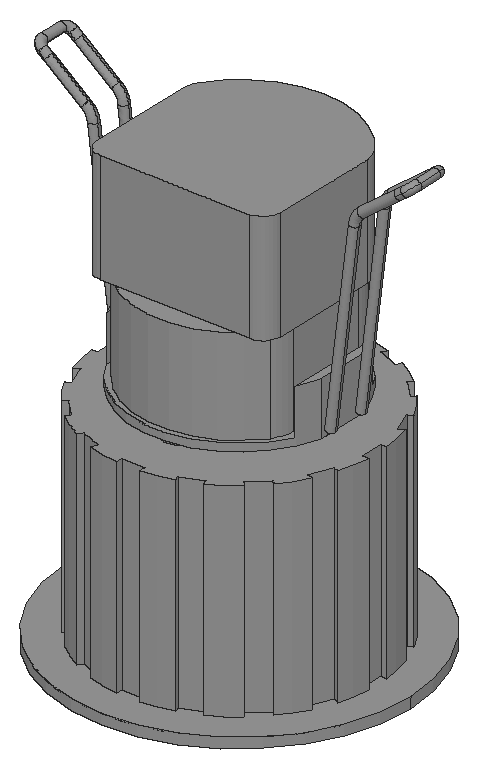
Revit family "Alcon-14142-R-DIR-Revit-Family", category Lighting Fixtures, host Ceiling, Revit 2021
Family settings
  Host = Ceiling
  Round Connector Dimension = Use Diameter
  Part Type = Normal
  Always vertical = Yes
  Cut with Voids When Loaded = No
  Light Source = Yes
  Shared = No
  Room Calculation Point = No
Parameters
  Wattage = 9.2903 W
  built-in parameter 1150110 = 1 (stored number, unit not read)
  Trim = Trim
  built-in parameter 1114217 = 1 (stored number, unit not read)
  Tilt Angle = 60.00°
  built-in parameter 1150109 = 1 (stored number, unit not read)
  built-in parameter 1150134 = 3
  built-in parameter 1150113 = 1 (stored number, unit not read)
  built-in parameter 1010507 = 1.5708 (stored number, unit not read)
  built-in parameter 1010506 = 0.5236 (stored number, unit not read)
  Reflector = Metal
  Product Identity = "Alcon Light 14142-R-DIR"
  Metal = Metal
  Manufacturer = "Alcon Light"
  built-in parameter 1150105 = 4614.1 (stored number, unit not read)
  Lumens = 1380 lm
  built-in parameter 1150115 = 1 (stored number, unit not read)
  Link To Product Page = "https://www.alconlighting.com/14142-recessed-1-inch-led.html"
  Light Source Symbol Length = 10' - 0"
  Light Source = Light
  built-in parameter 1150137 = (empty or 0)
  built-in parameter 1150139 = (empty or 0)
  built-in parameter 1150112 = 1 (stored number, unit not read)
  built-in parameter 1150114 = 1 (stored number, unit not read)
  built-in parameter 1150132 = (empty or 0)
  built-in parameter 1150102 = (empty or 0)
  built-in parameter 1150107 = 3200 (stored number, unit not read)
  built-in parameter 1150138 = (empty or 0)
  built-in parameter 1150106 = 46.141 (stored number, unit not read)
  Housing = Default
  built-in parameter 1150104 = 13.8 (stored number, unit not read)
  Dimming Lamp Color Temperature Shift = (empty or 0)
  Default Elevation = 0' - 0"
  Color Filter = 16777215
  built-in parameter 1114218 = 1 (stored number, unit not read)
  built-in parameter 1150133 = 10 (stored number, unit not read)
Reference planes (in)
  plane 1 "Center (Front/Back)": y = 0
  plane 2 "Ceiling": z = 96
  plane 3 "Center (Left/Right)": x = 0
Forms (in)
  Extrusion 1, solid, material "Trim" <- "Trim"
    sketch origin (0, 0, 96) x (1, 0, 0) y (0, 1, 0)
      loop
        circle (0, 0) r 0.625
      loop
        circle (0, 0) r 1.125
    from -0.03728 to 0.02948
  Extrusion 2, solid, material "Default" <- "Housing"
    sketch origin (0, 0, 96) x (1, 0, 0) y (0, 1, 0)
      loop
        arc (-0.69586, 0.58846) -> (-0.75774, 0.50631) -> (-0.80996, 0.4177) r 0.91132
        line (-0.80996, 0.4177) -> (-0.77475, 0.40311)
        arc (-0.77475, 0.40311) -> (-0.80687, 0.33422) -> (-0.83288, 0.26279) r 0.87335
        line (-0.83288, 0.26279) -> (-0.86809, 0.27737)
        arc (-0.86809, 0.27737) -> (-0.89381, 0.17779) -> (-0.90816, 0.07594) r 0.91132
        line (-0.90816, 0.07594) -> (-0.87004, 0.07594)
        arc (-0.87004, 0.07594) -> (-0.87335, 0) -> (-0.87004, -0.07594) r 0.87335
        line (-0.87004, -0.07594) -> (-0.90816, -0.07594)
        arc (-0.90816, -0.07594) -> (-0.89381, -0.17779) -> (-0.86809, -0.27737) r 0.91132
        line (-0.86809, -0.27737) -> (-0.83288, -0.26279)
        arc (-0.83288, -0.26279) -> (-0.80687, -0.33422) -> (-0.77475, -0.40311) r 0.87335
        line (-0.77475, -0.40311) -> (-0.80996, -0.4177)
        arc (-0.80996, -0.4177) -> (-0.75774, -0.50631) -> (-0.69586, -0.58846) r 0.91132
        line (-0.69586, -0.58846) -> (-0.66892, -0.56151)
        arc (-0.66892, -0.56151) -> (-0.61755, -0.61755) -> (-0.56151, -0.66892) r 0.87335
        line (-0.56151, -0.66892) -> (-0.58846, -0.69586)
        arc (-0.58846, -0.69586) -> (-0.50631, -0.75774) -> (-0.4177, -0.80996) r 0.91132
        line (-0.4177, -0.80996) -> (-0.40311, -0.77475)
        arc (-0.40311, -0.77475) -> (-0.33422, -0.80687) -> (-0.26279, -0.83288) r 0.87335
        line (-0.26279, -0.83288) -> (-0.27737, -0.86809)
        arc (-0.27737, -0.86809) -> (-0.17779, -0.89381) -> (-0.07594, -0.90816) r 0.91132
        line (-0.07594, -0.90816) -> (-0.07594, -0.87004)
        arc (-0.07594, -0.87004) -> (0, -0.87335) -> (0.07594, -0.87004) r 0.87335
        line (0.07594, -0.87004) -> (0.07594, -0.90816)
        arc (0.07594, -0.90816) -> (0.17779, -0.89381) -> (0.27737, -0.86809) r 0.91132
        line (0.27737, -0.86809) -> (0.26279, -0.83288)
        arc (0.26279, -0.83288) -> (0.33422, -0.80687) -> (0.40311, -0.77475) r 0.87335
        line (0.40311, -0.77475) -> (0.4177, -0.80996)
        arc (0.4177, -0.80996) -> (0.50631, -0.75774) -> (0.58846, -0.69586) r 0.91132
        line (0.58846, -0.69586) -> (0.56151, -0.66892)
        arc (0.56151, -0.66892) -> (0.61755, -0.61755) -> (0.66892, -0.56151) r 0.87335
        line (0.66892, -0.56151) -> (0.69586, -0.58846)
        arc (0.69586, -0.58846) -> (0.75774, -0.50631) -> (0.80996, -0.4177) r 0.91132
        line (0.80996, -0.4177) -> (0.77475, -0.40311)
        arc (0.77475, -0.40311) -> (0.80687, -0.33422) -> (0.83288, -0.26279) r 0.87335
        line (0.83288, -0.26279) -> (0.86809, -0.27737)
        arc (0.86809, -0.27737) -> (0.89381, -0.17779) -> (0.90816, -0.07594) r 0.91132
        line (0.90816, -0.07594) -> (0.87004, -0.07594)
        arc (0.87004, -0.07594) -> (0.87335, 0) -> (0.87004, 0.07594) r 0.87335
        line (0.87004, 0.07594) -> (0.90816, 0.07594)
        arc (0.90816, 0.07594) -> (0.89381, 0.17779) -> (0.86809, 0.27737) r 0.91132
        line (0.86809, 0.27737) -> (0.83288, 0.26279)
        arc (0.83288, 0.26279) -> (0.80687, 0.33422) -> (0.77475, 0.40311) r 0.87335
        line (0.77475, 0.40311) -> (0.80996, 0.4177)
        arc (0.80996, 0.4177) -> (0.75774, 0.50631) -> (0.69586, 0.58846) r 0.91132
        line (0.69586, 0.58846) -> (0.66892, 0.56151)
        arc (0.66892, 0.56151) -> (0.61755, 0.61755) -> (0.56151, 0.66892) r 0.87335
        line (0.56151, 0.66892) -> (0.58846, 0.69586)
        arc (0.58846, 0.69586) -> (0.50631, 0.75774) -> (0.4177, 0.80996) r 0.91132
        line (0.4177, 0.80996) -> (0.40311, 0.77475)
        arc (0.40311, 0.77475) -> (0.33422, 0.80687) -> (0.26279, 0.83288) r 0.87335
        line (0.26279, 0.83288) -> (0.27737, 0.86809)
        arc (0.27737, 0.86809) -> (0.17779, 0.89381) -> (0.07594, 0.90816) r 0.91132
        line (0.07594, 0.90816) -> (0.07594, 0.87004)
        arc (0.07594, 0.87004) -> (0, 0.87335) -> (-0.07594, 0.87004) r 0.87335
        line (-0.07594, 0.87004) -> (-0.07594, 0.90816)
        arc (-0.07594, 0.90816) -> (-0.17779, 0.89381) -> (-0.27737, 0.86809) r 0.91132
        line (-0.27737, 0.86809) -> (-0.26279, 0.83288)
        arc (-0.26279, 0.83288) -> (-0.33422, 0.80687) -> (-0.40311, 0.77475) r 0.87335
        line (-0.40311, 0.77475) -> (-0.4177, 0.80996)
        arc (-0.4177, 0.80996) -> (-0.50631, 0.75774) -> (-0.58846, 0.69586) r 0.91132
        line (-0.58846, 0.69586) -> (-0.56151, 0.66892)
        arc (-0.56151, 0.66892) -> (-0.61755, 0.61755) -> (-0.66892, 0.56151) r 0.87335
        line (-0.66892, 0.56151) -> (-0.69586, 0.58846)
    from 0.02948 to 1.38877
  Revolve 3, solid, material "Metal" <- "Reflector"
    sketch origin (0, 0, 0) x (1, 0, 0) y (0, 0, 1)
      loop
        line (0.63761, 96.02948) -> (0.69229, 96.02948)
        arc (0.69229, 96.02948) -> (0.62025, 96.2285) -> (0.4375, 96.33528) r 0.31091
        line (0.4375, 96.33528) -> (0.4375, 96.27948)
        arc (0.4375, 96.27948) -> (0.58142, 96.18959) -> (0.63761, 96.02948) r 0.25622
      axis (0, 96.02948) -> (0, 96.33528)
    angle from 0 to 360
  Revolve 4, void
    sketch origin (0, 0, 0) x (1, 0, 0) y (0, 0, 1)
      loop
        arc (0.63761, 96.02948) -> (0.58142, 96.18959) -> (0.4375, 96.27948) r 0.25622
        line (0.4375, 96.27948) -> (0, 96.27948) -> (0, 95.89428) -> (0.63761, 95.89428) -> (0.63761, 96.02948)
      axis (0, 95.89428) -> (0, 96.27948)
    angle from 0 to 360
  Extrusion 5, solid, material "Metal" <- "Metal"
    sketch origin (0, 0, 96) x (1, 0, 0) y (0, 1, 0)
      loop
        circle (0.48438, 0) r 0.10858
      loop
        circle (-0.48438, 0) r 0.10858
      loop
        circle (0, 0.48437) r 0.10858
      loop
        circle (0, -0.48438) r 0.10858
    from 1.38877 to 1.46492
  Extrusion 6, solid, material "Metal" <- "Metal"
    sketch origin (0, 0, 96) x (1, 0, 0) y (0, 1, 0)
      loop
        arc (0.67043, 0.17262) -> (0, 0.69229) -> (-0.67043, 0.17262) r 0.69229
        line (-0.67043, 0.17262) -> (-0.67043, -0.17262)
        arc (-0.67043, -0.17262) -> (0, -0.69229) -> (0.67043, -0.17262) r 0.69229
        line (0.67043, -0.17262) -> (0.67043, 0.17262)
    from 1.46492 to 1.81389
  Extrusion 7, void
    sketch origin (0, 0, 0) x (1, 0, 0) y (0, 0, 1)
      loop
        line (-0.61719, 97.81389) -> (-0.61719, 97.51537) -> (0.61719, 97.51537) -> (0.61719, 97.81389) -> (-0.61719, 97.81389)
    from -0.74739 to 0.74739
  Extrusion 8, solid, material "Default" <- "Housing"
    sketch origin (0, 0, 96) x (1, 0, 0) y (0, 1, 0)
      loop
        arc (-0.52544, -0.40111) -> (0, -0.66104) -> (0.52544, -0.40111) r 0.66104
        arc (0.52544, -0.40111) -> (0.55879, -0.33844) -> (0.57031, -0.26838) r 0.21875
        line (0.57031, -0.26838) -> (0.57031, 0.26838)
        arc (0.57031, 0.26838) -> (0.55879, 0.33844) -> (0.52544, 0.40111) r 0.21875
        arc (0.52544, 0.40111) -> (-0.00038, 0.66104) -> (-0.5259, 0.4005) r 0.66104
        arc (-0.5259, 0.4005) -> (-0.55891, 0.33834) -> (-0.57031, 0.26889) r 0.21723
        line (-0.57031, 0.26889) -> (-0.57031, -0.26838)
        arc (-0.57031, -0.26838) -> (-0.55879, -0.33844) -> (-0.52544, -0.40111) r 0.21875
    from 1.51537 to 2.1464
  Extrusion 9, solid, material "Default" <- "Housing"
    sketch origin (0, 0, 100.2928) x (0, -1, 0) y (1, 0, 0)
      loop
        arc (-0.3841, 0.57596) -> (-0.69229, -0.0003) -> (-0.3836, -0.5763) r 0.69229
        arc (-0.3836, -0.5763) -> (-0.34369, -0.59511) -> (-0.30005, -0.60156) r 0.15078
        line (-0.30005, -0.60156) -> (0.41575, -0.60156)
        arc (0.41575, -0.60156) -> (0.49309, -0.56953) -> (0.52512, -0.49219) r 0.10938
        line (0.52512, -0.49219) -> (0.52512, 0.49096)
        arc (0.52512, 0.49096) -> (0.49273, 0.56917) -> (0.41452, 0.60156) r 0.1106
        line (0.41452, 0.60156) -> (-0.29958, 0.60156)
        arc (-0.29958, 0.60156) -> (-0.34374, 0.59502) -> (-0.3841, 0.57596) r 0.15234
    from -2.1464 to -1.4178
  Sweep 10, solid, material "Metal" <- "Metal"
    path origin (0, 0, 0.14063) x (1, 0, 0) y (0, 0, 1)
      loop
        line (0.70144, 97.36537) -> (0.85672, 98.63)
        arc (0.85672, 98.63) -> (0.87262, 98.67823) -> (0.90577, 98.71671) r 0.13015
        line (0.90577, 98.71671) -> (1.14942, 98.90706)
    profile origin (0.77908, 0, 98.13831) x (-0.992546, 0, 0.121869) y (0, -1, 0)
      loop
        circle (0, 0.125) r 0.02995
  Sweep 11, solid, material "Metal" <- "Metal"
    path origin (0, 0, 0.14063) x (1, 0, 0) y (0, 0, -1)
      loop
        line (0.70144, -97.36537) -> (0.85672, -98.63)
        arc (0.85672, -98.63) -> (0.87262, -98.67823) -> (0.90577, -98.71671) r 0.13015
        line (0.90577, -98.71671) -> (1.14942, -98.90706)
    profile origin (0.77908, 0, 98.13831) x (0.992546, 0, -0.121869) y (0, 1, 0)
      loop
        circle (0, 0.125) r 0.02995
  Sweep 12, solid, material "Metal" <- "Metal"
    path origin (0.22913, 0, 98.32868) x (0.788011, 0, 0.615661) y (0, 1, 0)
      loop
        line (1.16786, 0.125) -> (1.21887, 0.125)
        arc (1.21887, 0.125) -> (1.25312, 0.11081) -> (1.2673, 0.07657) r 0.04843
        line (1.2673, 0.07657) -> (1.2673, -0.07868)
        arc (1.2673, -0.07868) -> (1.25374, -0.11143) -> (1.22098, -0.125) r 0.04632
        line (1.22098, -0.125) -> (1.16786, -0.125)
    profile origin (1.22778, -0.00105, 99.10891) x (0.788011, 0, 0.615661) y (-0.615661, 0, 0.788011)
      loop
        circle (0, 0) r 0.02995
  Sweep 13, solid, material "Metal" <- "Metal"
    path origin (0, 0, 0.14063) x (-1, 0, 0) y (0, 0, -1)
      loop
        line (0.70144, -97.36537) -> (0.85672, -98.63)
        arc (0.85672, -98.63) -> (0.87262, -98.67823) -> (0.90577, -98.71671) r 0.13015
        line (0.90577, -98.71671) -> (1.14942, -98.90706)
    profile origin (-0.77908, 0, 98.13831) x (-0.992546, 0, -0.121869) y (0, -1, 0)
      loop
        circle (0, 0.125) r 0.02995
  Sweep 14, solid, material "Metal" <- "Metal"
    path origin (0, 0, 0.14063) x (-1, 0, 0) y (0, 0, 1)
      loop
        line (0.70144, 97.36537) -> (0.85672, 98.63)
        arc (0.85672, 98.63) -> (0.87262, 98.67823) -> (0.90577, 98.71671) r 0.13015
        line (0.90577, 98.71671) -> (1.14942, 98.90706)
    profile origin (-0.77908, 0, 98.13831) x (0.992546, 0, 0.121869) y (0, 1, 0)
      loop
        circle (0, 0.125) r 0.02995
  Sweep 15, solid, material "Metal" <- "Metal"
    path origin (-0.22913, 0, 98.32868) x (-0.788011, 0, 0.615661) y (0, -1, 0)
      loop
        line (1.16786, -0.125) -> (1.21887, -0.125)
        arc (1.21887, -0.125) -> (1.25312, -0.11081) -> (1.2673, -0.07657) r 0.04843
        line (1.2673, -0.07657) -> (1.2673, 0.07868)
        arc (1.2673, 0.07868) -> (1.25374, 0.11143) -> (1.22098, 0.125) r 0.04632
        line (1.22098, 0.125) -> (1.16786, 0.125)
    profile origin (-1.22778, -0.00105, 99.10891) x (0.788011, 0, -0.615661) y (0.615661, 0, 0.788011)
      loop
        circle (0, 0) r 0.02995
  Extrusion 16, solid, material "Light" <- "Light Source"
    sketch origin (0, 0, 96.27948) x (1, 0, 0) y (0, -1, 0)
      loop
        circle (0, 0) r 0.4375
    from 0 to 0.07113
Cuts and joins
  Revolve 4 cuts Extrusion 2
  Extrusion 7 cuts Extrusion 6
  joined: Sweep 10, Sweep 11, Sweep 12
  joined: Sweep 13, Sweep 14, Sweep 15
Lines and regions (in)
  symbolic lines
    curve 1: circle (0, 0, 96) r 1.125 normal (0, 0, 1)
Dimensions and locks (in)
  equal spacing: host sketch curve, plane 3 "Center (Left/Right)", host sketch curve
  equal spacing: host sketch curve, plane 1 "Center (Front/Back)", host sketch curve
  host sketch curve to host sketch curve = 10' - 0"  (x2)
  Extrusion 9 to plane 2 "Ceiling" = 0' - 2 7/8"
  Extrusion 1 to Extrusion 1 = 0' - 2 1/4"
  Extrusion 1 to Extrusion 1 = 0' - 1 1/4"
